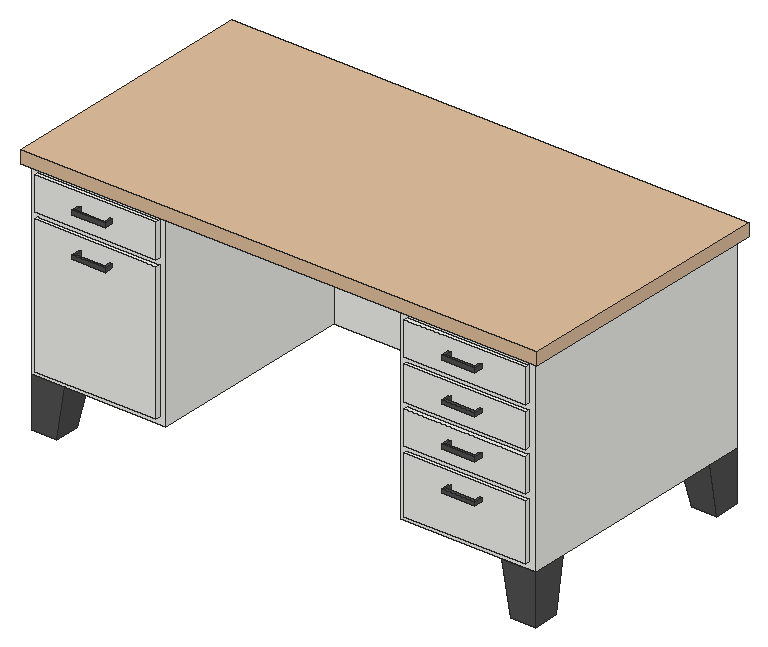
Revit family "M_Escrivaninha", category Mobiliário, Revit 2027
Family settings
  Com base no plano de trabalho = Não
  Ativar corte nas vistas = Não
  Sempre na vertical = Sim
  Corte com vazios quando carregada = Não
  Origem da aparência de renderização = Geometria da família
  Compartilhado = Sim
  Ponto de cálculo do ambiente = Não
Parameters (values of type "1525 x 762mm")
  Elevação padrão = 0 mm
  Profundidade = 762 mm
  Material do corpo = Laminado - Marfim, Fosco
  Material Puxador/Perna = Aço, Cromo polido
  Material superior = Cerejeira
  Altura = 762 mm
  Altura da perna = 152 mm
  Largura = 1525 mm
Types (3, lengths in mm): name | Profundidade | Largura
  1525 x 762mm | 762 | 1525
  1830 x 915mm | 915 | 1830
  1525 x 762mm Aluno | 762 | 1525
Reference planes
  plane 1: z = 0
  plane 2: z = 723.9
  plane 3: z = 152
  plane 4: z = 762
  plane 5 "Centro (Esquerda/Direita)": x = 762
  plane 6 "Centro (Frente/Trás)": y = 381
  plane 7 "Aresta da gaveta": y = -12.7
  plane 8: x = 202.7
  plane 9: x = 1321.3
  plane 10: z = 304.8
  plane 11: z = 425.45
  plane 12: z = 546.1
  plane 13: z = 666.75
  plane 14: z = 546.1
  plane 15: z = 666.75
  plane 16 "Superior": y = 762
  plane 17 "Direita": x = 1524.5
  plane 18 "Esquerda": x = -0.5
  plane 19 "Inferior": y = 0
Forms (mm)
  Extrusion 1, solid, material "Laminado - Marfim, Fosco" <- "Material do corpo"
    sketch origin (1524, 762, 0) x (-1, 0, 0) y (0, -1, 0)
      loop
        line (-0.5, 762) -> (-0.5, 0) -> (1524.5, 0) -> (1524.5, 762) -> (1118.1, 762) -> (1118.1, 127) -> (405.9, 127) -> (405.9, 762) -> (-0.5, 762)
    from 152 to 723.9
  Extrusion 2, solid, material "Cerejeira" <- "Material superior"
    sketch origin (1524, 762, 0) x (-1, 0, 0) y (0, -1, 0)
      loop
        line (-19.55, 781.05) -> (-19.55, -19.05) -> (1543.55, -19.05) -> (1543.55, 781.05) -> (-19.55, 781.05)
    from 723.9 to 762
  Blend 3, solid, material "Aço, Cromo polido" <- "Material Puxador/Perna"
    base sketch origin (1524, 762, 0) x (-1, 0, 0) y (0, -1, 0)
      loop
        line (-0.5, 762) -> (-0.5, 685.8) -> (75.7, 685.8) -> (75.7, 762) -> (-0.5, 762)
    top sketch origin (1524, 762, 0) x (-1, 0, 0) y (0, -1, 0)
      loop
        line (-0.5, 762) -> (-0.5, 660.4) -> (101.1, 660.4) -> (101.1, 762) -> (-0.5, 762)
    from 0 to 152
  Blend 4, solid, material "Aço, Cromo polido" <- "Material Puxador/Perna"
    base sketch origin (1524, 838.2, 0) x (-1, 0, 0) y (0, -1, 0)
      loop
        line (-0.5, 76.2) -> (75.7, 76.2) -> (75.7, 152.4) -> (-0.5, 152.4) -> (-0.5, 76.2)
    top sketch origin (1524, 838.2, 0) x (-1, 0, 0) y (0, -1, 0)
      loop
        line (-0.5, 76.2) -> (101.1, 76.2) -> (101.1, 177.8) -> (-0.5, 177.8) -> (-0.5, 76.2)
    from 0 to 152
  Blend 5, solid, material "Aço, Cromo polido" <- "Material Puxador/Perna"
    base sketch origin (1524, 838.2, 0) x (-1, 0, 0) y (0, -1, 0)
      loop
        line (1524.5, 76.2) -> (1524.5, 152.4) -> (1448.3, 152.4) -> (1448.3, 76.2) -> (1524.5, 76.2)
    top sketch origin (1524, 838.2, 0) x (-1, 0, 0) y (0, -1, 0)
      loop
        line (1524.5, 76.2) -> (1524.5, 177.8) -> (1422.9, 177.8) -> (1422.9, 76.2) -> (1524.5, 76.2)
    from 0 to 152
  Blend 6, solid, material "Aço, Cromo polido" <- "Material Puxador/Perna"
    base sketch origin (1524, 762, 0) x (-1, 0, 0) y (0, -1, 0)
      loop
        line (1524.5, 762) -> (1448.3, 762) -> (1448.3, 685.8) -> (1524.5, 685.8) -> (1524.5, 762)
    top sketch origin (1524, 762, 0) x (-1, 0, 0) y (0, -1, 0)
      loop
        line (1524.5, 762) -> (1422.9, 762) -> (1422.9, 660.4) -> (1524.5, 660.4) -> (1524.5, 762)
    from 0 to 152
  Extrusion 7, solid, material "Laminado - Marfim, Fosco" <- "Material do corpo"
    sketch origin (0, 0, 0) x (-1, 0, 0) y (0, 0, 1)
      loop
        line (-1505.45, 704.85) -> (-1505.45, 602.85) -> (-1137.15, 602.85) -> (-1137.15, 704.85) -> (-1505.45, 704.85)
      loop
        line (-1505.45, 171.05) -> (-1137.15, 171.05) -> (-1137.15, 342.5) -> (-1505.45, 342.5) -> (-1505.45, 171.05)
      loop
        line (-1137.15, 583.8) -> (-1505.45, 583.8) -> (-1505.45, 482.2) -> (-1137.15, 482.2) -> (-1137.15, 583.8)
      loop
        line (-1137.15, 463.15) -> (-1505.45, 463.15) -> (-1505.45, 361.55) -> (-1137.15, 361.55) -> (-1137.15, 463.15)
    from -12.7 to 0
  Extrusion 8, solid, material "Laminado - Marfim, Fosco" <- "Material do corpo"
    sketch origin (-304.8, -152.4, 0) x (1, 0, 0) y (0, 0, -1)
      loop
        line (323.35, -704.85) -> (691.65, -704.85) -> (691.65, -603.25) -> (323.35, -603.25) -> (323.35, -704.85)
      loop
        line (323.35, -171.05) -> (323.35, -584.2) -> (691.65, -584.2) -> (691.65, -171.05) -> (323.35, -171.05)
    from 139.7 to 152.4
  Sweep 9, solid, material "Aço, Cromo polido" <- "Material Puxador/Perna"
    path origin (1524, 762, 0) x (-1, 0, 0) y (0, -1, 0)
      loop
        line (151.9, 774.7) -> (151.9, 800.1) -> (253.5, 800.1) -> (253.5, 774.7)
    profile origin (0, -25.4, 0) x (1, 0, 0) y (0, 0, 1)
      loop
        line (1372.1, 304.8) -> (1365.75, 304.8) -> (1365.75, 292.1) -> (1372.1, 292.1) -> (1372.1, 304.8)
      loop
        line (1372.1, 425.45) -> (1365.75, 425.45) -> (1365.75, 412.75) -> (1372.1, 412.75) -> (1372.1, 425.45)
      loop
        line (1372.1, 546.1) -> (1365.75, 546.1) -> (1365.75, 533.4) -> (1372.1, 533.4) -> (1372.1, 546.1)
      loop
        line (1372.1, 666.75) -> (1365.75, 666.75) -> (1365.75, 654.05) -> (1372.1, 654.05) -> (1372.1, 666.75)
  Sweep 10, solid, material "Aço, Cromo polido" <- "Material Puxador/Perna"
    path origin (1524, 762, 0) x (-1, 0, 0) y (0, -1, 0)
      loop
        line (1372.1, 774.7) -> (1372.1, 800.1) -> (1270.5, 800.1) -> (1270.5, 774.7)
    profile origin (0, -25.4, 0) x (1, 0, 0) y (0, 0, 1)
      loop
        line (151.9, 546.1) -> (151.9, 533.4) -> (158.25, 533.4) -> (158.25, 546.1) -> (151.9, 546.1)
      loop
        line (151.9, 666.75) -> (151.9, 654.05) -> (158.25, 654.05) -> (158.25, 666.75) -> (151.9, 666.75)
Lines and regions (mm)
  Masking region 1
    outline origin (1524, 762, 0) x (-1, 0, 0) y (0, -1, 0)
      loop
        line (-0.5, 762) -> (-0.5, 0) -> (1524.5, 0) -> (1524.5, 762) -> (-0.5, 762)
Dimensions and locks
  "Altura": plane 1 to plane 4
  plane 3 to plane 1 = 152 mm
  plane 2 to plane 4 = 38.1 mm
  locked: plane 2 to plane 4 at 38.1
  "Altura da perna": plane 3 to plane 1
  Extrusion 1 to Extrusion 7 sketch curve = 19.05 mm
  plane 3 to Extrusion 7 sketch curve = 19.05 mm
  Extrusion 7 sketch curve to plane 2 = 19.05 mm
  plane 13 to Extrusion 7 = 38.1 mm
  plane 12 to Extrusion 7 = 37.7 mm
  plane 11 to Extrusion 7 = 37.7 mm
  plane 10 to Extrusion 7 = 37.7 mm
  plane 15 to Extrusion 8 = 38.1 mm
  plane 14 to Extrusion 8 = 38.1 mm
  locked: plane 9 to plane 17 "Direita" at 203.2
  locked: plane 19 "Inferior" to plane 7 "Aresta da gaveta" at 12.7
  equal spacing: plane 18 "Esquerda", plane 5 "Centro (Esquerda/Direita)", plane 17 "Direita"
  "Largura": plane 18 "Esquerda" to plane 17 "Direita"
  equal spacing: plane 16 "Superior", plane 6 "Centro (Frente/Trás)", plane 19 "Inferior"
  "Profundidade": plane 16 "Superior" to plane 19 "Inferior"
  locked: Extrusion 2 sketch curve to plane 18 "Esquerda" at 19.05
  locked: Extrusion 2 sketch curve to plane 16 "Superior" at 19.05
  locked: plane 17 "Direita" to Extrusion 2 sketch curve at 19.05
  locked: plane 19 "Inferior" to Extrusion 2 sketch curve at 19.05
  locked: plane 18 "Esquerda" to plane 8 at 203.2
  locked: plane 18 "Esquerda" to Blend 5 sketch curve at 76.2
  locked: plane 16 "Superior" to Blend 5 sketch curve at 76.2
  locked: plane 16 "Superior" to Blend 4 sketch curve at 76.2
  locked: Blend 4 sketch curve to plane 17 "Direita" at 76.2
  locked: plane 16 "Superior" to Blend 5 sketch curve at 101.6
  locked: plane 18 "Esquerda" to Blend 5 sketch curve at 101.6
  locked: Blend 4 sketch curve to plane 17 "Direita" at 101.6
  locked: plane 16 "Superior" to Blend 4 sketch curve at 101.6
  aligned and locked: Extrusion 1 to plane 2
  aligned and locked: plane 2 to Extrusion 2
  aligned and locked: Extrusion 2 to plane 4
  aligned and locked: plane 3 to Extrusion 1
  aligned and locked: Blend 4 to plane 3
  aligned and locked: Blend 5 to plane 3
  aligned and locked: Blend 3 to plane 3
  aligned and locked: Blend 6 to plane 3
  aligned and locked: Extrusion 7 to plane 7 "Aresta da gaveta"
  aligned and locked: Extrusion 8 to plane 7 "Aresta da gaveta"
  aligned and locked: Extrusion 1 sketch curve to plane 16 "Superior"
  aligned and locked: plane 18 "Esquerda" to Extrusion 1 sketch curve
  aligned and locked: Masking region 1 sketch curve to plane 16 "Superior"
  aligned and locked: plane 18 "Esquerda" to Masking region 1 sketch curve
  aligned and locked: plane 19 "Inferior" to Extrusion 8
  aligned and locked: Extrusion 1 to plane 19 "Inferior"
  aligned and locked: plane 19 "Inferior" to Extrusion 1 sketch curve
  aligned and locked: plane 19 "Inferior" to Extrusion 7
  aligned and locked: Blend 5 sketch curve to plane 18 "Esquerda"
  aligned and locked: Blend 5 sketch curve to plane 16 "Superior"
  aligned and locked: Blend 4 sketch curve to plane 17 "Direita"
  aligned and locked: plane 16 "Superior" to Blend 4 sketch curve
Automatic sketch dimensions
  Blend 3 sketch curve to Blend 3 sketch curve = 76.2 mm
  Blend 3 sketch curve to Blend 3 sketch curve = 101.6 mm
  Blend 4 sketch curve to Blend 4 sketch curve = 101.6 mm  (x2)
  Blend 6 sketch curve to Blend 6 sketch curve = 76.2 mm  (x2)
  Blend 6 sketch curve to Blend 6 sketch curve = 101.6 mm  (x2)
  plane 9 to Extrusion 7 sketch curve = 184.15 mm
  Extrusion 7 sketch curve to Extrusion 7 sketch curve = 0 mm  (x5)
  Extrusion 7 sketch curve to Extrusion 7 sketch curve = 171.45 mm
  Extrusion 7 sketch curve to Extrusion 7 sketch curve = 19.05 mm  (x3)
  Extrusion 7 sketch curve to Extrusion 7 sketch curve = 101.6 mm  (x2)
  plane 2 to Extrusion 8 sketch curve = 19.05 mm
  plane 8 to Extrusion 8 sketch curve = 184.15 mm
  Extrusion 8 sketch curve to Extrusion 8 sketch curve = 0 mm
  Extrusion 8 sketch curve to Extrusion 8 sketch curve = 101.6 mm
  Extrusion 8 sketch curve to Extrusion 8 sketch curve = 19.05 mm
  Extrusion 8 sketch curve to plane 3 = 19.05 mm
  Sweep 9 sketch curve to plane 7 "Aresta da gaveta" = 0 mm  (x2)
  plane 7 "Aresta da gaveta" to Sweep 9 sketch curve = 25.4 mm
  Sweep 9 sketch curve to plane 9 = 50.8 mm
  plane 9 to Sweep 9 sketch curve = 50.8 mm
  Sweep 9 sketch curve to plane 10 = 0 mm
  Sweep 9 sketch curve to plane 13 = 0 mm
  Sweep 9 sketch curve to plane 12 = 0 mm
  Sweep 9 sketch curve to plane 11 = 0 mm
  Sweep 9 sketch curve to profile plane = 0 mm  (x4)
  Sweep 9 sketch curve to Sweep 9 sketch curve = 6.35 mm  (x4)
  plane 10 to Sweep 9 sketch curve = 12.7 mm
  plane 11 to Sweep 9 sketch curve = 12.7 mm
  plane 12 to Sweep 9 sketch curve = 12.7 mm
  plane 13 to Sweep 9 sketch curve = 12.7 mm
  Sweep 10 sketch curve to plane 7 "Aresta da gaveta" = 0 mm  (x2)
  plane 7 "Aresta da gaveta" to Sweep 10 sketch curve = 25.4 mm
  plane 8 to Sweep 10 sketch curve = 50.8 mm
  Sweep 10 sketch curve to plane 8 = 50.8 mm
  Sweep 10 sketch curve to profile plane = 0 mm  (x2)
  Sweep 10 sketch curve to plane 15 = 0 mm
  Sweep 10 sketch curve to plane 14 = 0 mm
  Sweep 10 sketch curve to Sweep 10 sketch curve = 6.35 mm  (x2)
  plane 14 to Sweep 10 sketch curve = 12.7 mm
  plane 15 to Sweep 10 sketch curve = 12.7 mm
  Blend 3 sketch curve to plane 9 = 203.2 mm  (x2)
  Extrusion 7 sketch curve to plane 9 = 184.15 mm
  Blend 5 sketch curve to Blend 5 sketch curve = 101.6 mm  (x2)
  Blend 6 sketch curve to plane 8 = 127 mm
  Blend 6 sketch curve to plane 8 = 101.6 mm
  Extrusion 8 sketch curve to plane 8 = 184.15 mm  (x2)
  Blend 3 sketch curve to plane 7 "Aresta da gaveta" = 88.9 mm
  Blend 3 sketch curve to plane 7 "Aresta da gaveta" = 12.7 mm  (x2)
  Blend 3 sketch curve to plane 7 "Aresta da gaveta" = 114.3 mm
  Blend 6 sketch curve to plane 7 "Aresta da gaveta" = 88.9 mm
  Blend 6 sketch curve to plane 7 "Aresta da gaveta" = 114.3 mm
  Masking region 1 sketch curve to plane 17 "Direita" = 0 mm
  Masking region 1 sketch curve to plane 19 "Inferior" = 0 mm
  Extrusion 1 sketch curve to plane 17 "Direita" = 0 mm
  Extrusion 1 sketch curve to plane 19 "Inferior" = 0 mm
  plane 9 to Extrusion 1 sketch curve = 203.2 mm
  plane 8 to Extrusion 1 sketch curve = 203.2 mm
  Extrusion 1 sketch curve to plane 16 "Superior" = 127 mm
